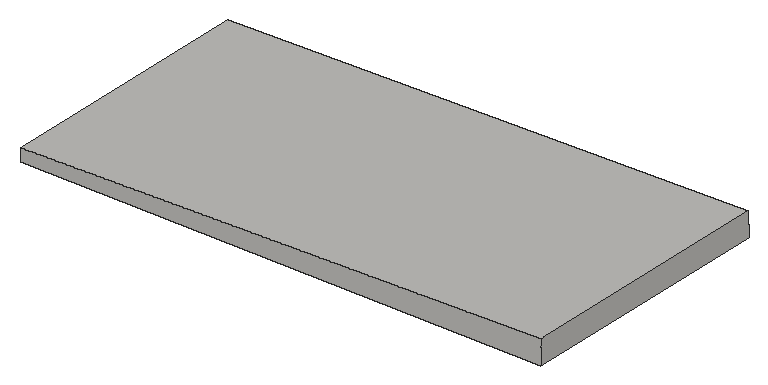
Revit family "ShowerBase_ProSlopeExtension_NobleCompany", category Specialty Equipment, host Face, Revit 2014
Parameters (values of type "20x40 Tapered")
  Width = 40"
  URL = "www.noblecompany.com"
  Type Comments = ""
  Tapered = yes
  Product Properties = "http://www.noblecompany.com/Portals/0/PRODUCT%20INFO/Product%20Descriptions/FreeStyle%20Linear%20Drain%20Product%20Decription%200410.pdf"
  Product Data = "http://www.noblecompany.com/Products/ShowerProducts/tabid/59/Default.aspx"
  Panel Size = 16"
  Model = "Pro Slope"
  MinThick = 1"
  Manufacturer Phone - Toll Free = "800-878-5788"
  Manufacturer Phone = "231-799-8000"
  Manufacturer Fax = "231-799-8850"
  Manufacturer Email = "mailto:sales@noblecompany.com"
  Manufacturer Address = "7300 Enterprise Drive, Spring Lake, MI  49456 USA"
  Manufacturer = "Noble Company"
  Hang = 1/8"
  Flat = no
  Drain Hole Diameter = 3"
  Depth = 20"
  Installation-Fabrication = "http://www.noblecompany.com/Portals/0/PRODUCT%20INFO/Product%20Descriptions/FreeStyle%20Linear%20Drain%20Product%20Decription%200410.pdf"
  Height = 1 7/8"
  Description = "Noble Pro Slope Shower Base"
  Cut_Side [instance] = 0"
  Cut_End [instance] = 0"
  Building Codes = "http://www.noblecompany.com/Portals/0/TECHNICAL%20INFO/Listing_Testing_Certification_Reports/PMG-1065%20Noble%20Company%20Linear%20Drain%20final%202.pdf"
  Base = Polymer coated Expanded Polystyrene
  Assembly Code = "D2030300"
  Default Elevation = 0"
Types (4): name | Width | Tapered | MinThick | Flat | Depth
  20x40 Flat | 40" | no | 1" | yes | 20"
  30x60 Flat | 60" | no | 1 1/4" | yes | 30"
  30x60 Tapered | 60" | yes | 1 1/4" | no | 30"
  20x40 Tapered | 40" | yes | 1" | no | 20"
Reference planes (in)
  plane 1 "Center (Front/Back)": y = 0
  plane 2: z = 0
  plane 3 "Center (Left/Right)": x = 0
  plane 4: x = 40
  plane 5: y = 20
  plane 6: z = 1.875
  plane 7: y = 20
  plane 8: x = 40
  plane 9: z = 1
Forms (in)
  Extrusion 1, solid, material "Polymer coated Expanded Polystyrene" <- "Base", visible <- "Tapered"
    sketch origin (0, 0, 0) x (1, 0, 0) y (0, 1, 0)
      loop
        line (0, 20) -> (0, 0) -> (40, 0) -> (40, 20) -> (0, 20)
    from 0 to 1.875
  Extrusion 2, void
    sketch origin (0, 0, 0) x (1, 0, 0) y (0, 1, 0)
      loop
        line (0, 20) -> (40, 20) -> (40, 0) -> (40.125, 0) -> (40.125, 20.125) -> (0, 20.125) -> (0, 20)
    from 0 to 1.875
  Extrusion 3, void
    sketch origin (0, 0, 0) x (1, 0, 0) y (0, 0, 1)
      loop
        line (40, 1.875) -> (0, 1.875) -> (0, 1) -> (40, 1.875)
    from 0 to -20
  Extrusion 4, solid, material "Polymer coated Expanded Polystyrene" <- "Base", visible <- "Flat"
    sketch origin (0, 0, 0) x (1, 0, 0) y (0, 1, 0)
      loop
        line (0, 20) -> (0, 0) -> (40, 0) -> (40, 20) -> (0, 20)
    from 0 to 1
Cuts and joins
  Extrusion 2, Extrusion 3 cuts Extrusion 1
  Extrusion 2 cuts Extrusion 4
Dimensions and locks (in)
  "Height": plane 6 to level
  "Cut_Side": plane 5 to plane 7
  "Cut_End": plane 8 to plane 4
  "Hang": plane 4 to Extrusion 2 sketch curve
  "Hang": Extrusion 2 sketch curve to plane 5
  "MinThick": plane 9 to level
  "Width": plane 3 "Center (Left/Right)" to plane 4
  "Depth": plane 1 "Center (Front/Back)" to plane 5
  "MinThick": Extrusion 3 sketch curve to level
  "Height": Extrusion 3 sketch curve to level
  aligned and locked: host face to plane 2
  aligned and locked: host face to level
  aligned and locked: Extrusion 1 sketch curve to plane 5
  aligned and locked: Extrusion 1 sketch curve to plane 4
  aligned and locked: Extrusion 1 to plane 6
  aligned and locked: Extrusion 2 sketch curve to plane 7
  aligned and locked: Extrusion 2 sketch curve to plane 8
  aligned and locked: Extrusion 2 to plane 6
  aligned and locked: Extrusion 1 sketch curve to plane 1 "Center (Front/Back)"
  aligned and locked: plane 3 "Center (Left/Right)" to Extrusion 1 sketch curve
  aligned and locked: plane 3 "Center (Left/Right)" to Extrusion 2 sketch curve
  aligned and locked: Extrusion 3 sketch curve to plane 3 "Center (Left/Right)"
  aligned and locked: plane 5 to Extrusion 3
  aligned and locked: Extrusion 4 sketch curve to plane 5
  aligned and locked: plane 3 "Center (Left/Right)" to Extrusion 4 sketch curve
  aligned and locked: Extrusion 4 sketch curve to plane 1 "Center (Front/Back)"
  aligned and locked: Extrusion 4 sketch curve to plane 4
  aligned and locked: Extrusion 4 to plane 9
Automatic sketch dimensions
  host sketch curve to host sketch curve = 145.84501"
  host sketch curve to host sketch curve = 91.0741"
  plane 1 "Center (Front/Back)" to Extrusion 2 sketch curve = 0"
  Extrusion 3 sketch curve to plane 4 = 0"
